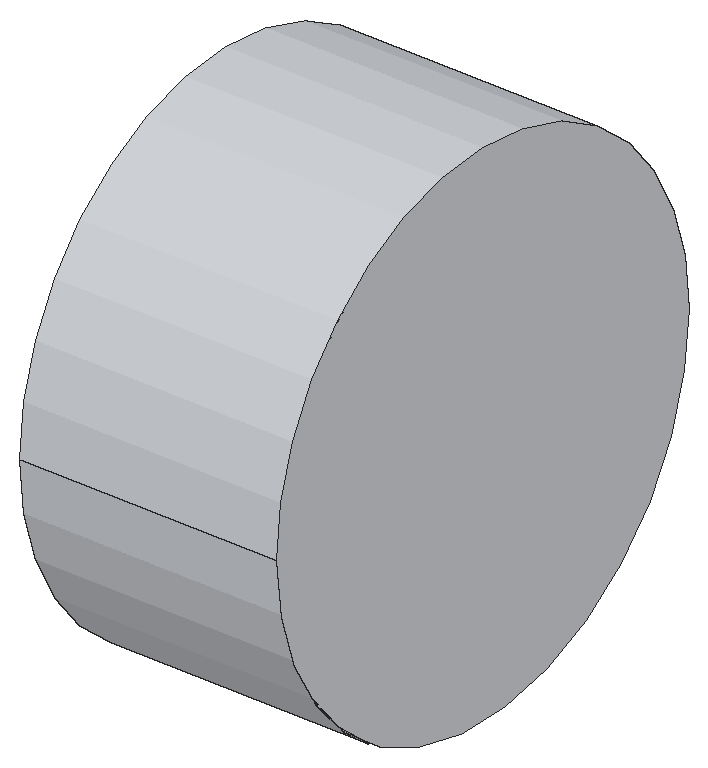
Revit family "M_Cap - Generic", category Pipe Fittings, Revit 2014
Parameters (values of type "Standard")
  Nominal Radius [instance] = 12.5 mm
  Nominal Diameter [instance] = Nominal Radius * 2  # 25 mm
  Lookup Table Name = "M_Pipe Fitting - Generic"
  Height [instance] = Fitting Outside Radius  # 14.288 mm
  Fitting Outside Radius [instance] = Fitting Outside Diameter / 2  # 14.288 mm
  Fitting Outside Diameter [instance] = size_lookup(Lookup Table Name, "FOD", Nominal Diameter + 3.175 mm, Nominal Diameter)  # 28.575 mm
Reference planes
  plane 1 "Center (Front/Back)": y = 0
  plane 2: z = 0
  plane 3 "Center (Left/Right)": x = 0
  plane 4: x = 14.288
  plane 5: y = 14.287
  plane 6: y = -14.288
Forms (mm)
  Extrusion 1, solid, detail levels fine
    sketch origin (0, 0, 0) x (0, 1, 0) y (0, 0, 1)
      loop
        circle (0, 0) r 14.288
    from 0 to 14.288
Lines and regions (mm)
  model lines, detail levels coarse+medium
    curve 1: line (0, 14.287, 0) -> (14.288, 14.287, 0)
    curve 2: line (0, -14.288, 0) -> (14.288, -14.288, 0)
    curve 3: line (14.288, 14.287, 0) -> (14.288, -14.288, 0)
Dimensions and locks
  "Height": plane 3 "Center (Left/Right)" to plane 4
  "Fitting Outside Radius": plane 5 to plane 1 "Center (Front/Back)"
  "Fitting Outside Radius": plane 1 "Center (Front/Back)" to plane 6
  "Fitting Outside Radius": radius of Extrusion 1 sketch curve
  aligned and locked: plane 1 "Center (Front/Back)" to Extrusion 1 sketch curve
  aligned and locked: plane 2 to Extrusion 1 sketch curve
  aligned and locked: Extrusion 1 to plane 3 "Center (Left/Right)"
  aligned and locked: plane 4 to Extrusion 1
  aligned and locked: plane 3 "Center (Left/Right)" to curve 1
  aligned and locked: plane 3 "Center (Left/Right)" to curve 2
  aligned and locked: plane 4 to curve 2
  aligned and locked: curve 2 to plane 6
  aligned and locked: curve 1 to plane 5
  aligned and locked: plane 6 to curve 3
  aligned and locked: plane 5 to curve 3
  aligned and locked: curve 3 to plane 4
Connectors
  piping at (0, 0, 0), diameter 25, driven by "Nominal Radius"
    settings: on Extrusion 1, index 1, connector inside diameter 25 mm, connector length 0 mm, flow factor 0, pipe flow 0.0 L/s, pressure drop 0.0 Pa, fitting loss kfactor 0, connector angle 0.00°, fixture units 0, engagement length 0 mm, angle of deflection 0.00°, flow configuration 0, flow direction 0, fitting loss method 0, system type 28, joint type 0, gender type 0, connector reference index -1, connector utility 0, adjustable connector no, is connector primary yes, connector description ""
